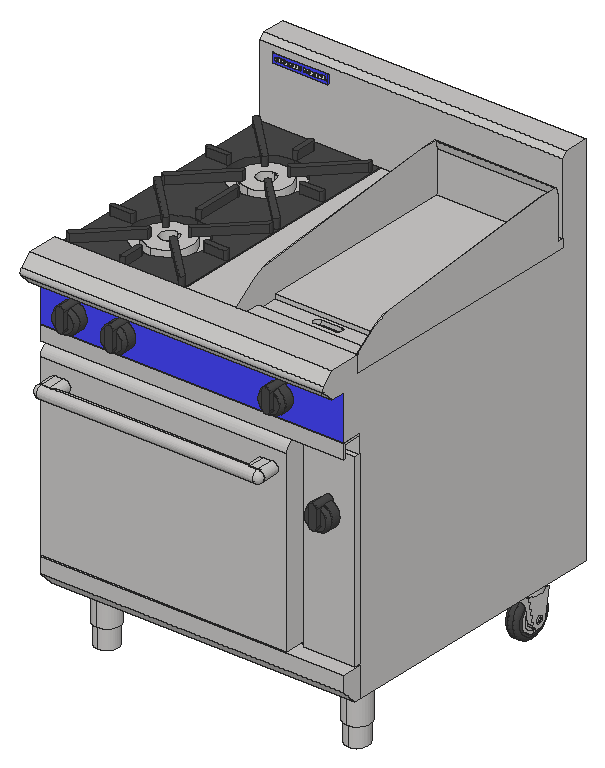
Revit family "QF_MOFFAT_BLUESEAL_CE_GE54C", category Specialty Equipment, Revit 2012 (continued)
Automatic sketch dimensions
  curve 1 to plane 3 "LEFT" = 0 mm
  curve 34 to plane 7 "Center Y" = 0 mm
  curve 100 to plane 7 "Center Y" = 0 mm
  curve 46 to plane 7 "Center Y" = 0 mm
  curve 94 to plane 7 "Center Y" = 0 mm
  curve 29 to plane 7 "Center Y" = 0 mm
  curve 106 to plane 7 "Center Y" = 0 mm
  curve 52 to plane 7 "Center Y" = 0 mm
  curve 23 to plane 7 "Center Y" = 0 mm
  curve 89 to plane 7 "Center Y" = 0 mm
  curve 58 to plane 7 "Center Y" = 0 mm
  curve 40 to plane 7 "Center Y" = 0 mm
  curve 17 to plane 7 "Center Y" = 0 mm
  curve 11 to plane 7 "Center Y" = 0 mm
  curve 64 to plane 7 "Center Y" = 0 mm
  curve 83 to plane 7 "Center Y" = 0 mm
  curve 70 to plane 7 "Center Y" = 0 mm
  curve 76 to plane 7 "Center Y" = 0 mm
  plane 5 "FRONT" to curve 112 = 0 mm
  plane 3 "LEFT" to curve 128 = 8.27 mm
  plane 3 "LEFT" to curve 131 = 8.27 mm
  plane 3 "LEFT" to curve 141 = 8.27 mm
  plane 3 "LEFT" to curve 126 = 8.27 mm
  plane 3 "LEFT" to curve 132 = 9.26 mm
  plane 3 "LEFT" to curve 117 = 9.26 mm
  curve 117 to curve 117 = 50 mm
  curve 132 to curve 132 = 50 mm
  curve 117 to curve 128 = 62.147 mm
  curve 132 to curve 131 = 62.147 mm
  curve 141 to curve 131 = 0 mm
  curve 126 to plane 14 = 12.407 mm
  curve 126 to curve 128 = 0 mm
  curve 126 to curve 115 = 28.581 mm
  curve 128 to curve 116 = 28.628 mm
  curve 141 to curve 129 = 28.628 mm
  curve 131 to curve 130 = 57.187 mm
  curve 141 to curve 140 = 57.187 mm
  curve 127 to plane 14 = 62.593 mm
  curve 128 to curve 127 = 57.187 mm
  curve 118 to plane 14 = 12.407 mm
  curve 118 to curve 127 = 0 mm
  curve 127 to curve 119 = 61.447 mm
  curve 130 to curve 133 = 61.447 mm
  plane 8 "Center X" to curve 130 = 23.27 mm
  curve 130 to curve 7 = 8.27 mm
  curve 127 to curve 113 = 8.27 mm
  plane 8 "Center X" to curve 118 = 6.73 mm
  curve 118 to curve 7 = 8.27 mm  (x2)
  plane 9 to curve 140 = 7.73 mm
  curve 140 to curve 113 = 8.27 mm
  curve 133 to curve 133 = 51.727 mm
  curve 119 to curve 119 = 51.727 mm
  curve 69 to plane 7 "Center Y" = 47.424 mm
  curve 119 to curve 81 = 35.809 mm
  plane 14 to curve 74 = 10.963 mm
  curve 74 to curve 68 = 0 mm
  curve 8 to plane 9 = 15.037 mm
  curve 140 to curve 8 = 35.846 mm
  curve 86 to curve 80 = 0 mm
  curve 63 to curve 68 = 0 mm
  curve 14 to curve 8 = 0 mm
  plane 8 "Center X" to curve 57 = 10.963 mm
  curve 57 to curve 62 = 0 mm
  curve 20 to curve 14 = 0 mm
  curve 92 to curve 86 = 0 mm
  curve 51 to curve 56 = 0 mm
  curve 127 to curve 105 = 35.846 mm
  curve 26 to curve 20 = 0 mm
  curve 45 to curve 50 = 0 mm
  curve 32 to curve 26 = 0 mm
  curve 98 to curve 104 = 0 mm
  curve 39 to curve 44 = 0 mm
  curve 67 to plane 8 "Center X" = 23.037 mm
  curve 64 to curve 67 = 47.424 mm
  curve 84 to plane 14 = 23.037 mm
  curve 82 to curve 84 = 47.424 mm
  curve 61 to curve 66 = 0 mm
  curve 55 to curve 60 = 0 mm
  curve 90 to curve 84 = 0 mm
  curve 49 to curve 54 = 0 mm
  curve 43 to curve 48 = 0 mm
  curve 96 to curve 90 = 0 mm
  curve 72 to curve 66 = 0 mm
  curve 37 to curve 42 = 0 mm
  curve 31 to curve 36 = 0 mm
  curve 102 to curve 96 = 0 mm
  curve 25 to curve 30 = 0 mm
  curve 19 to curve 24 = 0 mm
  curve 108 to curve 102 = 0 mm
  plane 14 to curve 78 = 10.963 mm
  curve 78 to curve 84 = 0 mm
  curve 12 to curve 18 = 0 mm
  curve 111 to plane 12 = 10 mm
  curve 110 to curve 1 = 399.516 mm
  curve 5 to plane 5 "FRONT" = 107 mm
  curve 113 to plane 5 "FRONT" = 107 mm
  curve 116 to curve 127 = 118.675 mm
  curve 113 to curve 127 = 29.27 mm
  curve 5 to curve 128 = 29.27 mm
  curve 127 to curve 104 = 8.693 mm
  curve 104 to curve 106 = 0 mm
  curve 104 to curve 105 = 8 mm
  curve 108 to curve 109 = 8 mm
  curve 106 to curve 106 = 8 mm
  curve 108 to curve 102 = 18 mm
  curve 106 to curve 100 = 18 mm
  curve 104 to curve 98 = 18 mm
  curve 116 to curve 116 = 52.71 mm
  curve 100 to curve 100 = 8 mm
  curve 98 to curve 99 = 8 mm
  curve 102 to curve 103 = 8 mm
  curve 102 to curve 96 = 18 mm
  curve 100 to curve 94 = 18 mm
  curve 98 to curve 93 = 18 mm
  curve 92 to curve 93 = 8 mm
  curve 96 to curve 97 = 8 mm
  curve 94 to curve 94 = 8 mm
  curve 96 to curve 90 = 18 mm
  curve 94 to curve 89 = 18 mm
  curve 92 to curve 86 = 18 mm
  curve 128 to curve 126 = 50.187 mm
  curve 90 to curve 90 = 8 mm
  curve 88 to curve 88 = 8 mm
  curve 86 to curve 87 = 8 mm
  curve 86 to curve 119 = 11.403 mm
  curve 117 to plane 14 = 37.634 mm
  curve 86 to curve 80 = 18 mm
  curve 88 to curve 83 = 18 mm
  curve 85 to curve 84 = 8 mm
  curve 82 to curve 83 = 8 mm
  curve 80 to curve 81 = 8 mm
  plane 14 to curve 79 = 2.963 mm
  plane 14 to curve 74 = 2.963 mm
  plane 14 to curve 77 = 2.963 mm
  curve 76 to curve 77 = 8 mm
  curve 78 to curve 72 = 18 mm
  curve 76 to curve 71 = 18 mm
  curve 74 to curve 69 = 18 mm
  curve 70 to curve 71 = 8 mm
  curve 68 to curve 69 = 8 mm
  curve 72 to curve 72 = 8 mm
  curve 115 to plane 8 "Center X" = 42.358 mm
  curve 70 to curve 65 = 18 mm
  curve 68 to curve 62 = 18 mm
  curve 62 to curve 63 = 8 mm
  curve 66 to curve 67 = 8 mm
  curve 64 to curve 64 = 8 mm
  plane 8 "Center X" to curve 126 = 6.73 mm
  plane 8 "Center X" to curve 59 = 10.963 mm
  plane 8 "Center X" to curve 60 = 10.963 mm
  curve 56 to curve 56 = 8 mm
  curve 60 to curve 61 = 8 mm
  curve 58 to curve 59 = 8 mm
  curve 7 to curve 131 = 8.27 mm
  curve 60 to curve 54 = 18 mm
  curve 56 to curve 50 = 18 mm
  curve 58 to curve 53 = 18 mm
  curve 54 to curve 54 = 8 mm
  curve 50 to curve 51 = 8 mm
  curve 52 to curve 53 = 8 mm
  plane 8 "Center X" to curve 115 = 74.222 mm
  curve 50 to curve 44 = 18 mm
  curve 52 to curve 46 = 18 mm
  curve 54 to curve 49 = 18 mm
  curve 44 to curve 44 = 8 mm
  curve 48 to curve 49 = 8 mm
  curve 46 to curve 46 = 8 mm
  curve 48 to curve 43 = 18 mm
  curve 46 to curve 40 = 18 mm
  curve 44 to curve 38 = 18 mm
  curve 42 to curve 43 = 8 mm
  curve 40 to curve 41 = 8 mm
  curve 38 to curve 38 = 8 mm
  curve 115 to curve 131 = 62.185 mm
  curve 131 to curve 130 = 0 mm
  curve 40 to curve 35 = 18 mm
  curve 38 to curve 33 = 18 mm
  curve 42 to curve 36 = 18 mm
  curve 36 to curve 36 = 8 mm
  curve 32 to curve 32 = 8 mm
  curve 34 to curve 34 = 8 mm
  curve 130 to curve 133 = 28.593 mm
  curve 131 to curve 132 = 28.593 mm
  curve 34 to curve 28 = 18 mm
  curve 32 to curve 26 = 18 mm
  curve 36 to curve 31 = 18 mm
  curve 30 to curve 31 = 8 mm
  curve 26 to curve 27 = 8 mm
  curve 28 to curve 29 = 8 mm
  curve 131 to curve 141 = 64.187 mm
  curve 141 to curve 140 = 0 mm
  curve 26 to curve 20 = 18 mm
  curve 28 to curve 22 = 18 mm
  curve 30 to curve 24 = 18 mm
  curve 20 to curve 21 = 8 mm
  curve 24 to curve 25 = 8 mm
  curve 22 to curve 22 = 8 mm
  curve 24 to curve 18 = 18 mm
  curve 20 to curve 15 = 18 mm
  curve 22 to curve 16 = 18 mm
  curve 129 to plane 9 = 49.16 mm
  curve 18 to curve 19 = 8 mm
  curve 14 to curve 14 = 8 mm
  curve 16 to curve 17 = 8 mm
  curve 8 to curve 8 = 8 mm
  curve 16 to curve 10 = 18 mm
  curve 18 to curve 12 = 18 mm
  curve 10 to curve 10 = 8 mm
  curve 12 to curve 13 = 8 mm
  plane 9 to curve 129 = 3.719 mm
  plane 9 to curve 141 = 7.73 mm
  curve 140 to curve 113 = 22.27 mm
  Extrusion 1 sketch curve to plane 10 "Base Height" = 0 mm
  Extrusion 1 sketch curve to plane 16 = 0 mm
  Extrusion 1 sketch curve to plane 1 "BACK" = 0 mm
  plane 9 to Extrusion 1 sketch curve = 42.5 mm
  Extrusion 1 sketch curve to Extrusion 1 sketch curve = 12.5 mm
  Extrusion 1 sketch curve to plane 5 "FRONT" = 107 mm
  Extrusion 1 sketch curve to plane 5 "FRONT" = 113 mm
  Extrusion 1 sketch curve to Extrusion 1 sketch curve = 50 mm
  Extrusion 1 sketch curve to plane 5 "FRONT" = 28.03 mm
  Extrusion 1 sketch curve to plane 5 "FRONT" = 27.03 mm
  Extrusion 1 sketch curve to plane 5 "FRONT" = 12.032 mm
  Extrusion 1 sketch curve to plane 5 "FRONT" = 3.531 mm  (x2)
  Extrusion 1 sketch curve to Extrusion 1 sketch curve = 135 mm
  Extrusion 1 sketch curve to Extrusion 1 sketch curve = 25 mm
  Extrusion 1 sketch curve to Extrusion 1 sketch curve = 23.499 mm
  Extrusion 1 sketch curve to Extrusion 1 sketch curve = 8.501 mm
  Extrusion 1 sketch curve to plane 16 = 12.5 mm
  Extrusion 1 to Extrusion 7 sketch curve = 0 mm
  Extrusion 7 sketch curve to Extrusion 1 = 1 mm
  Extrusion 1 to Extrusion 7 sketch curve = 300 mm
  Extrusion 7 sketch curve to Extrusion 7 sketch curve = 150 mm
  Split face 1 sketch curve to Extrusion 7 = 45.037 mm
  Split face 1 sketch curve to Extrusion 7 = 27.576 mm
  Split face 2 sketch curve to Extrusion 7 = 45.037 mm
  Split face 2 sketch curve to Extrusion 7 = 75 mm
  Split face 3 sketch curve to Extrusion 7 = 45.037 mm
  Split face 3 sketch curve to Extrusion 7 = 27.576 mm
  Split face 4 sketch curve to Extrusion 7 = 27.576 mm
  Split face 4 sketch curve to Extrusion 7 = 79.037 mm
  Split face 5 sketch curve to Extrusion 7 = 79.037 mm
  Split face 5 sketch curve to Extrusion 7 = 75 mm
  Split face 6 sketch curve to Extrusion 7 = 27.576 mm
  Split face 6 sketch curve to Extrusion 7 = 79.037 mm
  Split face 7 sketch curve to Extrusion 7 = 27.576 mm
  Split face 7 sketch curve to Extrusion 7 = 113.037 mm
  Split face 8 sketch curve to Extrusion 7 = 113.037 mm
  Split face 8 sketch curve to Extrusion 7 = 75 mm
  Split face 9 sketch curve to Extrusion 7 = 27.576 mm
  Split face 9 sketch curve to Extrusion 7 = 113.037 mm
  Split face 10 sketch curve to Extrusion 7 = 27.576 mm
  Split face 10 sketch curve to Extrusion 7 = 147.037 mm
  Split face 11 sketch curve to Extrusion 7 = 147.037 mm
  Split face 11 sketch curve to Extrusion 7 = 75 mm
  Split face 12 sketch curve to Extrusion 7 = 27.576 mm
  Split face 12 sketch curve to Extrusion 7 = 147.037 mm
  Split face 13 sketch curve to Extrusion 7 = 27.576 mm
  Split face 13 sketch curve to Extrusion 7 = 181.037 mm
  Split face 14 sketch curve to Extrusion 7 = 75 mm
  Split face 14 sketch curve to Extrusion 7 = 181.037 mm
  Split face 15 sketch curve to Extrusion 7 = 27.576 mm
  Split face 15 sketch curve to Extrusion 7 = 181.037 mm
  Split face 16 sketch curve to Extrusion 7 = 27.576 mm
  Split face 16 sketch curve to Extrusion 7 = 215.037 mm
  Split face 17 sketch curve to Extrusion 7 = 75 mm
  Split face 17 sketch curve to Extrusion 7 = 215.037 mm
  Split face 18 sketch curve to Extrusion 7 = 27.576 mm
  Split face 18 sketch curve to Extrusion 7 = 215.037 mm
  Split face 19 sketch curve to Extrusion 7 = 27.576 mm
  Split face 19 sketch curve to Extrusion 7 = 249.037 mm
  Split face 20 sketch curve to Extrusion 7 = 75 mm
  Split face 20 sketch curve to Extrusion 7 = 249.037 mm
  Split face 21 sketch curve to Extrusion 7 = 27.576 mm
  Split face 21 sketch curve to Extrusion 7 = 249.037 mm
  Split face 22 sketch curve to Extrusion 7 = 27.576 mm
  Split face 22 sketch curve to Extrusion 7 = 283.037 mm
  Split face 23 sketch curve to Extrusion 7 = 75 mm
  Split face 23 sketch curve to Extrusion 7 = 283.037 mm
  Split face 24 sketch curve to Extrusion 7 = 27.576 mm
  Split face 24 sketch curve to Extrusion 7 = 283.037 mm
  Split face 25 sketch curve to Extrusion 7 = 27.576 mm
  Split face 25 sketch curve to Extrusion 7 = 316.963 mm
  Split face 26 sketch curve to Extrusion 7 = 75 mm
  Split face 26 sketch curve to Extrusion 7 = 316.963 mm
  Split face 27 sketch curve to Extrusion 7 = 27.576 mm
  Split face 27 sketch curve to Extrusion 7 = 316.963 mm
  Split face 28 sketch curve to Extrusion 7 = 27.576 mm
  Split face 28 sketch curve to Extrusion 7 = 282.963 mm
  Split face 29 sketch curve to Extrusion 7 = 75 mm
  Split face 29 sketch curve to Extrusion 7 = 282.963 mm
  Split face 30 sketch curve to Extrusion 7 = 27.576 mm
  Split face 30 sketch curve to Extrusion 7 = 282.963 mm
  Split face 31 sketch curve to Extrusion 7 = 27.576 mm
  Split face 31 sketch curve to Extrusion 7 = 248.963 mm
  Split face 32 sketch curve to Extrusion 7 = 75 mm
  Split face 32 sketch curve to Extrusion 7 = 248.963 mm
  Split face 33 sketch curve to Extrusion 7 = 27.576 mm
  Split face 33 sketch curve to Extrusion 7 = 248.963 mm
  Split face 34 sketch curve to Extrusion 7 = 27.576 mm
  Split face 34 sketch curve to Extrusion 7 = 214.963 mm
  Split face 35 sketch curve to Extrusion 7 = 75 mm
  Split face 35 sketch curve to Extrusion 7 = 214.963 mm
  Split face 36 sketch curve to Extrusion 7 = 27.576 mm
  Split face 36 sketch curve to Extrusion 7 = 214.963 mm
  Split face 37 sketch curve to Extrusion 7 = 27.576 mm
  Split face 37 sketch curve to Extrusion 7 = 180.963 mm
  Split face 38 sketch curve to Extrusion 7 = 75 mm
  Split face 38 sketch curve to Extrusion 7 = 180.963 mm
  Split face 39 sketch curve to Extrusion 7 = 27.576 mm
  Split face 39 sketch curve to Extrusion 7 = 180.963 mm
  Split face 40 sketch curve to Extrusion 7 = 27.576 mm
  Split face 40 sketch curve to Extrusion 7 = 146.963 mm
  Split face 41 sketch curve to Extrusion 7 = 146.963 mm
  Split face 41 sketch curve to Extrusion 7 = 75 mm
  Split face 42 sketch curve to Extrusion 7 = 27.576 mm
  Split face 42 sketch curve to Extrusion 7 = 146.963 mm
  Split face 43 sketch curve to Extrusion 7 = 27.576 mm
  Split face 43 sketch curve to Extrusion 7 = 112.963 mm
  Split face 44 sketch curve to Extrusion 7 = 112.963 mm
  Split face 44 sketch curve to Extrusion 7 = 75 mm
  Split face 45 sketch curve to Extrusion 7 = 27.576 mm
  Split face 45 sketch curve to Extrusion 7 = 112.963 mm
  Split face 46 sketch curve to Extrusion 7 = 27.576 mm
  Split face 46 sketch curve to Extrusion 7 = 78.963 mm
  Split face 47 sketch curve to Extrusion 7 = 78.963 mm
  Split face 47 sketch curve to Extrusion 7 = 75 mm
  Split face 48 sketch curve to Extrusion 7 = 27.576 mm
  Split face 48 sketch curve to Extrusion 7 = 78.963 mm
  Split face 49 sketch curve to Extrusion 7 = 44.963 mm
  Split face 49 sketch curve to Extrusion 7 = 27.576 mm
  Split face 50 sketch curve to Extrusion 7 = 44.963 mm
  Split face 50 sketch curve to Extrusion 7 = 75 mm
  Split face 51 sketch curve to Extrusion 7 = 44.963 mm
  Split face 51 sketch curve to Extrusion 7 = 27.576 mm
  plane 4 "RIGHT" to Extrusion 19 sketch curve = 0 mm
  Extrusion 19 sketch curve to plane 6 "TOP" = 270 mm
  plane 12 to Extrusion 19 sketch curve = 5 mm
  plane 10 "Base Height" to Extrusion 19 sketch curve = 77.5 mm
  Extrusion 20 sketch curve to Extrusion 20 sketch curve = 0 mm  (x4)
  Extrusion 1 to Extrusion 20 sketch curve = 167.5 mm
  Extrusion 20 sketch curve to Extrusion 1 = 167.5 mm
  Extrusion 1 to Extrusion 20 sketch curve = 150 mm  (x2)
  Extrusion 5 sketch curve to Extrusion 4 = 19.102 mm  (x2)
  Extrusion 5 sketch curve to Extrusion 5 sketch curve = 4.525 mm  (x16)
  Extrusion 5 sketch curve to Extrusion 4 = 27.593 mm
  Extrusion 5 sketch curve to Extrusion 5 sketch curve = 48.456 mm  (x3)
  Extrusion 5 sketch curve to Extrusion 5 sketch curve = 50.976 mm
  Extrusion 5 sketch curve to Extrusion 5 sketch curve = 0 mm  (x4)
  Extrusion 5 sketch curve to Extrusion 4 = 9.156 mm  (x2)
  Extrusion 5 sketch curve to Extrusion 5 sketch curve = 27.39 mm  (x2)
  Extrusion 5 sketch curve to Extrusion 5 sketch curve = 6.4 mm  (x7)
  Extrusion 5 sketch curve to Extrusion 5 sketch curve = 20.658 mm  (x2)
  Extrusion 5 sketch curve to Extrusion 5 sketch curve = 55.923 mm
  Extrusion 5 sketch curve to Extrusion 4 = 5.102 mm  (x3)
  Extrusion 5 sketch curve to Extrusion 5 sketch curve = 128.581 mm  (x2)
  Extrusion 5 sketch curve to Extrusion 4 = 6.102 mm  (x2)
  Extrusion 5 sketch curve to Extrusion 4 = 14.153 mm
  Extrusion 5 sketch curve to Extrusion 5 sketch curve = 12.205 mm  (x2)
  Extrusion 5 sketch curve to Extrusion 5 sketch curve = 112.454 mm
  Extrusion 5 sketch curve to Extrusion 5 sketch curve = 59.673 mm
  Extrusion 5 sketch curve to Extrusion 5 sketch curve = 17.024 mm  (x2)
  Extrusion 5 sketch curve to Extrusion 5 sketch curve = 46.847 mm  (x2)
  Extrusion 5 sketch curve to Extrusion 5 sketch curve = 62.169 mm
  Extrusion 5 sketch curve to Extrusion 4 = 36.153 mm  (x2)
  Extrusion 5 sketch curve to Extrusion 4 = 23.4 mm
  Extrusion 5 sketch curve to Extrusion 5 sketch curve = 55.413 mm  (x3)
  Extrusion 5 sketch curve to Extrusion 5 sketch curve = 20.524 mm  (x3)
  Extrusion 5 sketch curve to Extrusion 5 sketch curve = 53.847 mm  (x4)
  Extrusion 5 sketch curve to Extrusion 4 = 58.364 mm  (x2)
  Extrusion 5 sketch curve to Extrusion 4 = 15.153 mm
  Extrusion 5 sketch curve to Extrusion 4 = 9.908 mm  (x2)
  curve 12 to curve 114 = 27.576 mm
  Split face 52 sketch curve to cut or joined group of Extrusion 1, Extrusion 8, Extrusion 18, Extrusion 19 = 27.115 mm
  Split face 52 sketch curve to cut or joined group of Extrusion 1, Extrusion 8, Extrusion 18, Extrusion 19 = 476.545 mm
  Split face 52 sketch curve to cut or joined group of Extrusion 1, Extrusion 8, Extrusion 18, Extrusion 19 = 23.385 mm
  Split face 52 sketch curve to Split face 52 sketch curve = 4.041 mm  (x4)
  Split face 52 sketch curve to Split face 52 sketch curve = 8.66 mm  (x2)
  Split face 52 sketch curve to cut or joined group of Extrusion 1, Extrusion 8, Extrusion 18, Extrusion 19 = 22.115 mm
  Split face 52 sketch curve to Split face 52 sketch curve = 223.917 mm
  Split face 52 sketch curve to cut or joined group of Extrusion 1, Extrusion 8, Extrusion 18, Extrusion 19 = 17.115 mm
  Split face 52 sketch curve to Split face 52 sketch curve = 17 mm
  Split face 52 sketch curve to Split face 52 sketch curve = 7 mm
  Split face 53 sketch curve to cut or joined group of Extrusion 1, Extrusion 8, Extrusion 18, Extrusion 19 = 27.115 mm
  Split face 53 sketch curve to cut or joined group of Extrusion 1, Extrusion 8, Extrusion 18, Extrusion 19 = 26.545 mm
  Split face 53 sketch curve to cut or joined group of Extrusion 1, Extrusion 8, Extrusion 18, Extrusion 19 = 23.385 mm
  Split face 53 sketch curve to Split face 53 sketch curve = 4.041 mm  (x4)
  Split face 53 sketch curve to Split face 53 sketch curve = 8.66 mm  (x2)
  Split face 53 sketch curve to cut or joined group of Extrusion 1, Extrusion 8, Extrusion 18, Extrusion 19 = 22.115 mm
  Split face 53 sketch curve to Split face 53 sketch curve = 223.917 mm
  Split face 53 sketch curve to cut or joined group of Extrusion 1, Extrusion 8, Extrusion 18, Extrusion 19 = 17.115 mm
  Split face 53 sketch curve to Split face 53 sketch curve = 17 mm
  Split face 53 sketch curve to Split face 53 sketch curve = 7 mm
  plane 1 "BACK" to curve 144 = 30.385 mm
  curve 144 to plane 7 "Center Y" = 101.545 mm
  plane 1 "BACK" to curve 144 = 23.385 mm
  curve 144 to curve 144 = 4.041 mm
  curve 144 to curve 145 = 8.66 mm
  curve 144 to curve 143 = 8.66 mm
  plane 3 "LEFT" to curve 146 = 36.836 mm
  curve 147 to curve 142 = 4.041 mm
  curve 146 to curve 147 = 8.66 mm
  curve 148 to curve 149 = 4.041 mm
  plane 1 "BACK" to curve 142 = 18.385 mm
  curve 142 to curve 149 = 10 mm
  curve 143 to curve 145 = 7 mm
  curve 149 to curve 147 = 7 mm
  curve 150 to plane 13 = 25.753 mm
  curve 155 to curve 157 = 4.041 mm  (x2)
  curve 157 to curve 157 = 8.66 mm
  plane 1 "BACK" to curve 153 = 35.385 mm
  plane 7 "Center Y" to curve 153 = 111.836 mm
  curve 153 to curve 151 = 4.041 mm
  curve 154 to curve 153 = 8.66 mm
  plane 1 "BACK" to curve 152 = 33.385 mm
  curve 152 to curve 152 = 4.041 mm
  plane 1 "BACK" to curve 157 = 18.385 mm
  curve 157 to curve 156 = 5 mm
  curve 157 to curve 155 = 7 mm  (x2)
  Extrusion 27 sketch curve to plane 9 = 0 mm
  Extrusion 27 sketch curve to plane 9 = 19.393 mm
  Extrusion 27 sketch curve to plane 9 = 31.75 mm
  plane 9 to Extrusion 27 sketch curve = 19.393 mm
  plane 9 to Extrusion 27 sketch curve = 31.75 mm
  level to Extrusion 27 sketch curve = 45.111 mm
  Extrusion 27 sketch curve to Extrusion 27 sketch curve = 4.889 mm
  Extrusion 27 sketch curve to plane 10 "Base Height" = 40 mm
  Revolve 28 sketch curve to plane 10 "Base Height" = 0 mm
  Revolve 28 sketch curve to plane 9 = 0 mm  (x2)
  Revolve 28 sketch curve to Revolve 28 sketch curve = 35.75 mm
  Revolve 28 sketch curve to plane 10 "Base Height" = 40 mm
  level to Revolve 28 sketch curve = 50 mm
  Revolve 28 sketch curve to level = 55 mm
  Revolve 29 sketch curve to plane 10 "Base Height" = 0 mm
  Revolve 29 sketch curve to plane 9 = 0 mm  (x2)
  Revolve 29 sketch curve to plane 9 = 35.75 mm
  Revolve 29 sketch curve to plane 10 "Base Height" = 40 mm
  level to Revolve 29 sketch curve = 50 mm
  Revolve 29 sketch curve to level = 55 mm
  plane 15 to Revolve 30 sketch curve = 25.382 mm
  Revolve 30 sketch curve to Revolve 30 sketch curve = 1.27 mm  (x4)
  Revolve 30 sketch curve to Revolve 30 sketch curve = 1.524 mm  (x2)
  plane 15 to Revolve 30 sketch curve = 10.442 mm
  plane 15 to Revolve 30 sketch curve = 7.68 mm
  Revolve 30 sketch curve to Revolve 30 sketch curve = 0.794 mm  (x2)
  Revolve 30 sketch curve to Revolve 30 sketch curve = 3.57 mm
  Revolve 30 sketch curve to Revolve 30 sketch curve = 2.143 mm
  Revolve 30 sketch curve to plane 15 = 2.639 mm
  Revolve 30 sketch curve to plane 13 = 5.13 mm
  Revolve 30 sketch curve to plane 13 = 6.339 mm
  Revolve 30 sketch curve to plane 13 = 14.515 mm
  Revolve 30 sketch curve to Revolve 30 sketch curve = 1.349 mm  (x2)
  Revolve 30 sketch curve to Revolve 30 sketch curve = 3.556 mm
  Revolve 30 sketch curve to Revolve 30 sketch curve = 12.146 mm
  Revolve 30 sketch curve to plane 4 "RIGHT" = 2.68 mm
  level to Revolve 30 sketch curve = 50.8 mm
  Revolve 30 sketch curve to Revolve 30 sketch curve = 0 mm
  Revolve 30 sketch curve to Revolve 30 sketch curve = 3.505 mm  (x2)
  Revolve 30 sketch curve to Revolve 30 sketch curve = 3.447 mm  (x2)
  Revolve 30 sketch curve to Revolve 30 sketch curve = 9.964 mm
  Revolve 30 sketch curve to Revolve 30 sketch curve = 10.045 mm
  Revolve 30 sketch curve to Revolve 30 sketch curve = 2.053 mm
  Revolve 30 sketch curve to Revolve 30 sketch curve = 2.061 mm
  Revolve 30 sketch curve to Revolve 30 sketch curve = 8.247 mm
  Revolve 30 sketch curve to Revolve 30 sketch curve = 8.336 mm
  Revolve 30 sketch curve to Revolve 30 sketch curve = 6.35 mm  (x2)
  Extrusion 31 sketch curve to plane 9 = 0 mm
  Extrusion 31 sketch curve to plane 9 = 19.393 mm
  Extrusion 31 sketch curve to plane 9 = 31.75 mm
  plane 9 to Extrusion 31 sketch curve = 19.393 mm
  plane 9 to Extrusion 31 sketch curve = 31.75 mm
  level to Extrusion 31 sketch curve = 45.111 mm
  Extrusion 31 sketch curve to Extrusion 31 sketch curve = 4.889 mm
  Extrusion 31 sketch curve to plane 10 "Base Height" = 40 mm
  Revolve 32 sketch curve to plane 10 "Base Height" = 0 mm
  Revolve 32 sketch curve to level = 0 mm
  Revolve 32 sketch curve to plane 9 = 0 mm  (x2)
  Revolve 32 sketch curve to Revolve 32 sketch curve = 27.5 mm
  Revolve 32 sketch curve to Revolve 32 sketch curve = 31.75 mm
  Revolve 32 sketch curve to level = 55 mm
  Revolve 32 sketch curve to Revolve 32 sketch curve = 50 mm
  Revolve 32 sketch curve to Revolve 32 sketch curve = 0 mm
  Revolve 33 sketch curve to plane 10 "Base Height" = 0 mm
  Revolve 33 sketch curve to level = 0 mm
  Revolve 33 sketch curve to plane 9 = 0 mm  (x2)
  Revolve 33 sketch curve to Revolve 33 sketch curve = 27.5 mm
  Revolve 33 sketch curve to Revolve 33 sketch curve = 31.75 mm
  level to Revolve 33 sketch curve = 50 mm
  Revolve 33 sketch curve to Revolve 33 sketch curve = 0 mm
  Revolve 33 sketch curve to Revolve 33 sketch curve = 55 mm
  plane 3 "LEFT" to Revolve 34 sketch curve = 99.382 mm
  Revolve 34 sketch curve to Revolve 34 sketch curve = 1.27 mm  (x4)
  Revolve 34 sketch curve to Revolve 34 sketch curve = 1.524 mm  (x2)
  Revolve 34 sketch curve to Revolve 34 sketch curve = 12.146 mm  (x2)
  Revolve 34 sketch curve to Revolve 34 sketch curve = 2.762 mm
  Revolve 34 sketch curve to Revolve 34 sketch curve = 0.794 mm  (x2)
  Revolve 34 sketch curve to Revolve 34 sketch curve = 3.57 mm
  Revolve 34 sketch curve to Revolve 34 sketch curve = 2.143 mm
  Revolve 34 sketch curve to Revolve 34 sketch curve = 9.525 mm
  Revolve 34 sketch curve to Revolve 34 sketch curve = 24.572 mm
  Revolve 34 sketch curve to Revolve 34 sketch curve = 12.7 mm
  Revolve 34 sketch curve to Revolve 34 sketch curve = 8.176 mm
  Revolve 34 sketch curve to Revolve 34 sketch curve = 1.349 mm  (x2)
  Revolve 34 sketch curve to Revolve 34 sketch curve = 3.556 mm
  Revolve 34 sketch curve to plane 3 "LEFT" = 2.68 mm
  Revolve 34 sketch curve to plane 10 "Base Height" = 48.4 mm
  Revolve 34 sketch curve to Revolve 34 sketch curve = 6.35 mm  (x4)
  Revolve 34 sketch curve to Revolve 34 sketch curve = 8.247 mm
  Revolve 34 sketch curve to Revolve 34 sketch curve = 8.336 mm
  Revolve 34 sketch curve to Revolve 34 sketch curve = 2.061 mm
  Revolve 34 sketch curve to Revolve 34 sketch curve = 2.053 mm
  Revolve 34 sketch curve to Revolve 34 sketch curve = 10.045 mm
  Revolve 34 sketch curve to Revolve 34 sketch curve = 9.964 mm
  Revolve 34 sketch curve to Revolve 34 sketch curve = 3.447 mm  (x2)
  Revolve 34 sketch curve to Revolve 34 sketch curve = 3.505 mm
  Extrusion 25 sketch curve to plane 10 "Base Height" = 0 mm
  Extrusion 25 sketch curve to Extrusion 25 sketch curve = 36 mm
  Extrusion 25 sketch curve to Extrusion 25 sketch curve = 14 mm
  plane 10 "Base Height" to Extrusion 25 sketch curve = 36 mm
  Extrusion 25 sketch curve to Extrusion 25 sketch curve = 36.5 mm
  curve 159 to plane 4 "RIGHT" = 0 mm
  curve 158 to plane 4 "RIGHT" = 0 mm
  curve 159 to plane 3 "LEFT" = 0 mm
  curve 158 to plane 3 "LEFT" = 0 mm
  curve 148 to curve 159 = 17.115 mm
  curve 158 to plane 5 "FRONT" = 28.03 mm
  curve 114 to curve 108 = 37.963 mm
  plane 9 to curve 114 = 26 mm
  radius of Extrusion 2 sketch curve = 13.5 mm
  radius of Extrusion 4 sketch curve = 85 mm  (x2)
  radius of Split face 1 sketch curve = 8 mm
  radius of Split face 2 sketch curve = 8 mm
  radius of Split face 3 sketch curve = 8 mm
  radius of Split face 4 sketch curve = 8 mm
  radius of Split face 5 sketch curve = 8 mm
  radius of Split face 6 sketch curve = 8 mm
  radius of Split face 7 sketch curve = 8 mm
  radius of Split face 8 sketch curve = 8 mm
  radius of Split face 9 sketch curve = 8 mm
  radius of Split face 10 sketch curve = 8 mm
  radius of Split face 11 sketch curve = 8 mm
  radius of Split face 12 sketch curve = 8 mm
  radius of Split face 13 sketch curve = 8 mm
  radius of Split face 14 sketch curve = 8 mm
  radius of Split face 15 sketch curve = 8 mm
  radius of Split face 16 sketch curve = 8 mm
  radius of Split face 17 sketch curve = 8 mm
  radius of Split face 18 sketch curve = 8 mm
  radius of Split face 19 sketch curve = 8 mm
  radius of Split face 20 sketch curve = 8 mm
  radius of Split face 21 sketch curve = 8 mm
  radius of Split face 22 sketch curve = 8 mm
  radius of Split face 23 sketch curve = 8 mm
  radius of Split face 24 sketch curve = 8 mm
  radius of Split face 25 sketch curve = 8 mm
  radius of Split face 26 sketch curve = 8 mm
  radius of Split face 27 sketch curve = 8 mm
  radius of Split face 28 sketch curve = 8 mm
  radius of Split face 29 sketch curve = 8 mm
  radius of Split face 30 sketch curve = 8 mm
  radius of Split face 31 sketch curve = 8 mm
  radius of Split face 32 sketch curve = 8 mm
  radius of Split face 33 sketch curve = 8 mm
  radius of Split face 34 sketch curve = 8 mm
  radius of Split face 35 sketch curve = 8 mm
  radius of Split face 36 sketch curve = 8 mm
  radius of Split face 37 sketch curve = 8 mm
  radius of Split face 38 sketch curve = 8 mm
  radius of Split face 39 sketch curve = 8 mm
  radius of Split face 40 sketch curve = 8 mm
  radius of Split face 41 sketch curve = 8 mm
  radius of Split face 42 sketch curve = 8 mm
  radius of Split face 43 sketch curve = 8 mm
  radius of Split face 44 sketch curve = 8 mm
  radius of Split face 45 sketch curve = 8 mm
  radius of Split face 46 sketch curve = 8 mm
  radius of Split face 47 sketch curve = 8 mm
  radius of Split face 48 sketch curve = 8 mm
  radius of Split face 49 sketch curve = 8 mm
  radius of Split face 50 sketch curve = 8 mm
  radius of Split face 51 sketch curve = 8 mm
  radius of Extrusion 20 sketch curve = 57 mm  (x2)
  radius of Extrusion 20 sketch curve = 22 mm  (x2)
  radius of Extrusion 26 sketch curve = 6.35 mm
Nested families
  nested 1: "WALDORF LOGO_FACE BASE" at (32, -70, 1056.385) x (1, 0, 0) z (0, -1, 0), visible <- "Show Logo", type "WALDORF LOGO_FACE BASE", detail levels medium+fine
    with Show Logo yes
  nested 2: "GAS GRIDDLE PLATE 300" at (450, -85, 874.5), type "GAS GRIDDLE PLATE 300"
    with Width 300 mm, Type Mark "", Status "", Specification by User "", Revision Code "", Item Number "", Installed By "", Identify Quantity as Lot yes, Furnished By "", Foodservice Equipment Identifier yes, Depth 620 mm
Connectors
  piping at (620.063, -32, 655)
    settings: on Extrusion 2, index 1, connector radius 0.37402", flow factor 0, pipe flow 0 GPM, pressure drop 0.00 psi, fitting loss kfactor 0, connector angle 0.00°, fixture units 0, engagement length 0 mm, flow configuration 1, flow direction 1, fitting loss method 0, system type 7, joint type 0, gender type 0, connector reference index -1, connector utility 0, adjustable connector no, is connector primary yes, fitting loss table "", connector description "GAS CONNECTION"
  electrical at (676, -501, 148.4), driven by "Volts", driven by "Watts"
    settings: on Extrusion 26, index 2, voltage 400 V, apparent load 5600 VA, apparent load phase1 0 VA, apparent load phase2 0 VA, apparent load phase3 0 VA, power factor 1, load classification "Other", number of poles 1, system type 30, power factor state 1, is connector primary yes, connector utility no, sub classification motor no, connector description "ELECTRICAL CONNECTION"
Definition of nested family "WALDORF LOGO_FACE BASE"
  Parameters (values of type "WALDORF LOGO_FACE BASE")
    Show Logo [instance] = yes
    Default Elevation = 1219.2 mm
  Reference planes
    plane 1 "Center (Front/Back)": y = 0
    plane 2: z = 0
    plane 3 "Center (Left/Right)": x = 0
  Forms (mm)
    Extrusion 1, solid
      sketch origin (0, 0, 0) x (1, 0, 0) y (0, 1, 0)
        loop
          line (-1219.2, 1219.2) -> (-1219.2, -1219.2) -> (1219.2, -1219.2) -> (1219.2, 1219.2) -> (-1219.2, 1219.2)
      from 0 to -304.8
    Extrusion 2, solid, material "QF_Finishes_Blue", visible <- "Show Logo"
      sketch origin (0, -33.217, 0) x (1, 0, 0) y (0, 1, 0)
        loop
          arc (138, 31.942) -> (137.626, 32.844) -> (136.724, 33.217) r 1.276
          line (136.724, 33.217) -> (1.29, 33.217)
          arc (1.29, 33.217) -> (0.378, 32.839) -> (0, 31.927) r 1.29
          line (0, 31.927) -> (0, 11.507)
          arc (0, 11.507) -> (0.378, 10.595) -> (1.29, 10.217) r 1.29
          line (1.29, 10.217) -> (136.71, 10.217)
          arc (136.71, 10.217) -> (137.622, 10.595) -> (138, 11.507) r 1.29
          line (138, 11.507) -> (138, 31.942)
      from 0 to 1.588
    Extrusion 3, solid, material "QF_Finishes_White", visible <- "Show Logo"
      sketch origin (0, -33.217, 1.588) x (1, 0, 0) y (0, 1, 0)
        loop
          arc (108.946, 25.919) -> (107.613, 25.367) -> (107.061, 24.034) r 1.885
          line (107.061, 24.034) -> (107.061, 17.211) -> (112.704, 17.211) -> (112.704, 19.129) -> (115.546, 19.129) -> (115.546, 17.211) -> (121.584, 17.211) -> (121.584, 24.075)
          arc (121.584, 24.075) -> (121.043, 25.379) -> (119.739, 25.919) r 1.845
          line (119.739, 25.919) -> (108.946, 25.919)
        loop
          line (123.478, 25.919) -> (123.478, 17.163) -> (134.904, 17.163) -> (134.904, 19.129) -> (129.246, 19.129) -> (129.246, 25.919) -> (123.478, 25.919)
        loop
          line (112.704, 21.258) -> (115.546, 21.258) -> (115.546, 22.702)
          arc (115.546, 22.702) -> (115.344, 23.188) -> (114.858, 23.389) r 0.687
          line (114.858, 23.389) -> (113.363, 23.389)
          arc (113.363, 23.389) -> (112.897, 23.196) -> (112.704, 22.73) r 0.658
          line (112.704, 22.73) -> (112.704, 21.258)
        loop
          line (105.071, 25.919) -> (93.771, 25.919) -> (93.771, 17.163) -> (105.071, 17.163) -> (105.071, 19.063) -> (99.535, 19.063) -> (99.535, 20.437) -> (105.071, 20.437) -> (105.071, 22.278) -> (99.535, 22.278) -> (99.535, 23.587) -> (105.071, 23.587) -> (105.071, 25.919)
        loop
          line (91.104, 25.919) -> (79.541, 25.919)
          arc (79.541, 25.919) -> (78.558, 25.513) -> (78.152, 24.53) r 1.389
          line (78.152, 24.53) -> (78.152, 22.08)
          arc (78.152, 22.08) -> (78.558, 21.098) -> (79.541, 20.691) r 1.389
          line (79.541, 20.691) -> (86.346, 20.691) -> (86.346, 18.864) -> (83.266, 18.864) -> (83.266, 19.664) -> (78.152, 19.664) -> (78.152, 18.553)
          arc (78.152, 18.553) -> (78.558, 17.57) -> (79.541, 17.163) r 1.389
          line (79.541, 17.163) -> (91.063, 17.163)
          arc (91.063, 17.163) -> (92.045, 17.57) -> (92.452, 18.553) r 1.389
          line (92.452, 18.553) -> (92.452, 20.691)
          arc (92.452, 20.691) -> (92.045, 21.673) -> (91.063, 22.08) r 1.389
          line (91.063, 22.08) -> (83.266, 22.08) -> (83.266, 23.984) -> (86.346, 23.984) -> (86.346, 22.743) -> (92.452, 22.743) -> (92.452, 24.571)
          arc (92.452, 24.571) -> (92.057, 25.524) -> (91.104, 25.919) r 1.348
        loop
          line (70.705, 25.919) -> (59.405, 25.919) -> (59.405, 17.163) -> (70.705, 17.163) -> (70.705, 19.063) -> (65.169, 19.063) -> (65.169, 20.437) -> (70.705, 20.437) -> (70.705, 22.278) -> (65.169, 22.278) -> (65.169, 23.587) -> (70.705, 23.587) -> (70.705, 25.919)
        loop
          line (57.598, 25.919) -> (51.7, 25.919) -> (51.7, 20.18)
          arc (51.7, 20.18) -> (50.63, 19.11) -> (49.56, 20.18) r 1.07
          line (49.56, 20.18) -> (49.56, 25.919) -> (43.663, 25.919) -> (43.663, 19.049)
          arc (43.663, 19.049) -> (44.215, 17.716) -> (45.548, 17.163) r 1.885
          line (45.548, 17.163) -> (55.71, 17.163)
          arc (55.71, 17.163) -> (57.045, 17.716) -> (57.598, 19.051) r 1.887
          line (57.598, 19.051) -> (57.598, 25.919)
        loop
          line (31.62, 25.919) -> (31.62, 17.163) -> (43.046, 17.163) -> (43.046, 19.129) -> (37.388, 19.129) -> (37.388, 25.919) -> (31.62, 25.919)
        loop
          line (15.969, 25.919) -> (15.969, 17.163) -> (28.693, 17.163)
          arc (28.693, 17.163) -> (29.812, 17.627) -> (30.276, 18.746) r 1.582
          line (30.276, 18.746) -> (30.276, 20.447) -> (29.48, 21.243) -> (30.276, 22.039) -> (30.276, 24.332)
          arc (30.276, 24.332) -> (29.811, 25.454) -> (28.688, 25.919) r 1.587
          line (28.688, 25.919) -> (15.969, 25.919)
        loop
          line (21.449, 24.159) -> (21.449, 22.436) -> (23.862, 22.436)
          arc (23.862, 22.436) -> (24.723, 23.298) -> (23.862, 24.159) r 0.861
          line (23.862, 24.159) -> (21.449, 24.159)
        loop
          line (21.449, 20.244) -> (21.449, 18.522) -> (23.862, 18.522)
          arc (23.862, 18.522) -> (24.723, 19.383) -> (23.862, 20.244) r 0.861
          line (23.862, 20.244) -> (21.449, 20.244)
      from 0 to 0.2
    Extrusion 4, solid, material "QF_Finishes_Blue", visible <- "Show Logo"
      sketch origin (-126.498, -31.09, 1.588) x (1, 0, 0) y (0, 1, 0)
        loop
          line (136.738, 23.522) -> (136.738, 15.1)
          arc (136.738, 15.1) -> (140.756, 19.311) -> (136.738, 23.522) r 4.216
      from 0 to 0.2
    Extrusion 5, solid, material "QF_Finishes_Red", visible <- "Show Logo"
      sketch origin (146.849, -31.09, 1.588) x (-1, 0, 0) y (0, -1, 0)
        loop
          arc (136.738, -23.522) -> (140.756, -19.311) -> (136.738, -15.1) r 4.216
          line (136.738, -15.1) -> (136.738, -23.522)
      from 0 to 0.2
  Lines and regions (mm)
    Split face 1
      outline origin (-90.35, -30.793, 1.588) x (1, 0, 0) y (0, 1, 0)
        loop
          circle (100.54, 19.013) r 4.536
  Dimensions and locks
    aligned and locked: plane 2 to Extrusion 1
    aligned and locked: level to Extrusion 1
Definition of nested family "GAS GRIDDLE PLATE 300"
  Parameters (values of type "GAS GRIDDLE PLATE 300")
    Width [instance] = 300 mm
    Weight in Pounds = 0
    URL Cutsheet = ""
    Type Mark [instance] = ""
    Status [instance] = ""
    Specification by User [instance] = ""
    Specification by Manufacturer = ""
    Serial Number = ""
    Seismic Rating = ""
    SMACNA No = ""
    Revision Code [instance] = ""
    Omniclass Number and Title = ""
    NAFEM Spec ID Number = ""
    Masterspec = ""
    Item Number [instance] = ""
    Installed By [instance] = ""
    Identify Quantity as Lot [instance] = yes
    Furnished By [instance] = ""
    Foodservice Equipment Identifier [instance] = yes
    Depth [instance] = 620 mm
    CSI MasterFormat = ""
    CSI Master Format = ""
  Reference planes
    plane 1 "BACK": y = 0
    plane 2: z = 0
    plane 3 "LEFT": x = 0
    plane 4 "RIGHT": x = 300
    plane 5 "FRONT": y = -620
    plane 6 "TOP": z = 142.5
    plane 7 "Center Y": x = 150
    plane 8 "Center X": y = -310
    plane 9: y = -530.997
    plane 10: y = -541.497
    plane 11: y = -503.25
    plane 12: y = -557.737
  Forms (mm)
    Extrusion 1, solid, material "QF_Finishes_Stainless Steel"
      sketch origin (0, 70.003, -874.5) x (0, 1, 0) y (0, 0, 1)
        loop
          line (-70, 875) -> (-70, 997.489) -> (-75.228, 1017) -> (-117.24, 1017) -> (-589.533, 971.523)
          arc (-589.533, 971.523) -> (-614.56, 965.803) -> (-637.306, 953.899) r 100
          line (-637.306, 953.899) -> (-690.003, 917) -> (-690.003, 875) -> (-70, 875)
      from 0 to 1.8
    Extrusion 2, solid, material "QF_Finishes_Stainless Steel"
      sketch origin (600, 70.003, -874.5) x (0, -1, 0) y (0, 0, 1)
        loop
          line (70, 875) -> (690.003, 875) -> (690.003, 917) -> (637.306, 953.899)
          arc (637.306, 953.899) -> (614.56, 965.803) -> (589.533, 971.523) r 100
          line (589.533, 971.523) -> (117.24, 1017) -> (75.228, 1017) -> (70, 997.489) -> (70, 875)
      from 300 to 301.2
    Extrusion 3, solid, material "QF_Finishes_Stainless Steel"
      sketch origin (150, 70.003, -874.5) x (0, 1, 0) y (0, 0, 1)
        loop
          line (-55, 895) -> (-573.253, 895) -> (-573.253, 884.5) -> (-627.74, 884.5) -> (-627.74, 895) -> (-690.003, 895) -> (-690.003, 875) -> (-55, 875) -> (-55, 895)
      from -148.2 to 150
    Extrusion 4, void
      sketch origin (150, -541.497, 10) x (0, -1, 0) y (1, 0, 0)
        loop
          arc (-7.497, 25) -> (-17.497, 35) -> (-27.497, 25) r 10
          line (-27.497, 25) -> (-27.497, -25)
          arc (-27.497, -25) -> (-17.497, -35) -> (-7.497, -25) r 10
          line (-7.497, -25) -> (-7.497, 25)
      from -41.4 to 40.142
    Extrusion 5, solid, material "QF_Finishes_Stainless Steel"
      sketch origin (0, 70.003, -874.5) x (0, 1, 0) y (0, 0, 1)
        loop
          line (-70, 875) -> (-70, 997.489) -> (-75.228, 1017) -> (-76.884, 1017) -> (-71.6, 997.278) -> (-71.6, 875) -> (-70, 875)
      from 0 to 298.8
  Cuts and joins
    Extrusion 4 cuts Extrusion 3
    joined: Extrusion 1, Extrusion 2, Extrusion 3
  Lines and regions (mm)
    symbolic lines
      curve 1: line (300, -503.25, 0) -> (0, -503.25, 0)
      curve 2: line (0, -557.737, 0) -> (300, -557.737, 0)
      curve 3: line (0, -1.68, 0) -> (300, -1.68, 0)
      curve 4: line (300, -1.68, 0) -> (300, -620, 0)
      curve 5: line (0, -620, 0) -> (0, -1.68, 0)
      curve 6: line (0, -620, 0) -> (300, -620, 0)
      curve 7: arc (175, -534, 0) -> (185, -524, 0) -> (175, -514, 0) r 10
      curve 8: line (175, -514, 0) -> (125, -514, 0)
      curve 9: arc (125, -514, 0) -> (115, -524, 0) -> (125, -534, 0) r 10
      curve 10: line (125, -534, 0) -> (175, -534, 0)
  Dimensions and locks
    equal spacing: plane 3 "LEFT", plane 7 "Center Y", plane 4 "RIGHT"
    "Width": plane 3 "LEFT" to plane 4 "RIGHT"
    equal spacing: plane 5 "FRONT", plane 8 "Center X", plane 1 "BACK"
    "Depth": plane 5 "FRONT" to plane 1 "BACK"
    locked: Extrusion 2 to Extrusion 2 at 1.2
    equal spacing: Extrusion 4 sketch curve, plane 7 "Center Y", Extrusion 4 sketch curve, locked at 35 each
    aligned and locked: level to plane 2
    aligned and locked: Extrusion 2 to plane 4 "RIGHT"
    aligned and locked: curve 1 to plane 11
    aligned and locked: plane 12 to curve 2
    aligned and locked: Extrusion 5 to cut or joined group of Extrusion 1, Extrusion 2, Extrusion 3, Extrusion 4
  Automatic sketch dimensions
    Extrusion 1 sketch curve to plane 5 "FRONT" = 0 mm
    Extrusion 1 sketch curve to plane 6 "TOP" = 0 mm
    plane 12 to Extrusion 1 sketch curve = 9.566 mm
    plane 11 to Extrusion 1 sketch curve = 16.28 mm
    Extrusion 1 sketch curve to level = 2.516 mm
    plane 11 to Extrusion 1 sketch curve = 6.695 mm
    plane 1 "BACK" to Extrusion 1 sketch curve = 47.237 mm
    plane 1 "BACK" to Extrusion 1 sketch curve = 5.225 mm
    Extrusion 1 sketch curve to plane 1 "BACK" = 0.003 mm
    level to Extrusion 1 sketch curve = 0.5 mm
    Extrusion 1 sketch curve to Extrusion 1 sketch curve = 42 mm
    Extrusion 1 sketch curve to plane 6 "TOP" = 63.101 mm
    Extrusion 1 sketch curve to plane 6 "TOP" = 19.511 mm
    Extrusion 2 sketch curve to plane 6 "TOP" = 0 mm
    Extrusion 2 sketch curve to plane 5 "FRONT" = 0 mm
    plane 12 to Extrusion 2 sketch curve = 9.566 mm
    plane 11 to Extrusion 2 sketch curve = 16.28 mm
    Extrusion 2 sketch curve to level = 2.516 mm
    plane 11 to Extrusion 2 sketch curve = 6.695 mm
    plane 1 "BACK" to Extrusion 2 sketch curve = 47.237 mm
    plane 1 "BACK" to Extrusion 2 sketch curve = 5.225 mm
    Extrusion 2 sketch curve to plane 1 "BACK" = 0.003 mm
    level to Extrusion 2 sketch curve = 0.5 mm
    Extrusion 2 sketch curve to Extrusion 2 sketch curve = 42 mm
    Extrusion 2 sketch curve to plane 6 "TOP" = 63.101 mm
    Extrusion 2 sketch curve to plane 6 "TOP" = 19.511 mm
    Extrusion 3 sketch curve to plane 5 "FRONT" = 0 mm
    Extrusion 3 sketch curve to plane 12 = 0 mm
    Extrusion 3 sketch curve to plane 11 = 0 mm
    Extrusion 3 sketch curve to plane 1 "BACK" = 15.003 mm
    level to Extrusion 3 sketch curve = 0.5 mm
    level to Extrusion 3 sketch curve = 10 mm
    Extrusion 3 sketch curve to Extrusion 3 sketch curve = 10.5 mm  (x2)
    plane 11 to Extrusion 4 sketch curve = 10.75 mm
    Extrusion 4 sketch curve to Extrusion 4 sketch curve = 10 mm
    Extrusion 4 sketch curve to plane 7 "Center Y" = 25 mm
    plane 1 "BACK" to Extrusion 5 sketch curve = 5.225 mm
    Extrusion 5 sketch curve to plane 1 "BACK" = 0.003 mm
    Extrusion 5 sketch curve to plane 6 "TOP" = 19.511 mm
    Extrusion 5 sketch curve to Extrusion 5 sketch curve = 1.6 mm
    Extrusion 5 sketch curve to Extrusion 5 sketch curve = 0.211 mm
    Extrusion 5 sketch curve to plane 6 "TOP" = 0 mm
    Extrusion 5 sketch curve to Extrusion 5 sketch curve = 1.656 mm
    level to Extrusion 5 sketch curve = 0.5 mm
    curve 6 to plane 3 "LEFT" = 0 mm
    curve 4 to plane 4 "RIGHT" = 0 mm
    plane 5 "FRONT" to curve 6 = 0 mm
    plane 11 to curve 8 = 10.75 mm
    curve 8 to plane 7 "Center Y" = 25 mm
    plane 7 "Center Y" to curve 7 = 25 mm
    curve 10 to curve 7 = 20 mm
    plane 1 "BACK" to curve 3 = 1.68 mm
